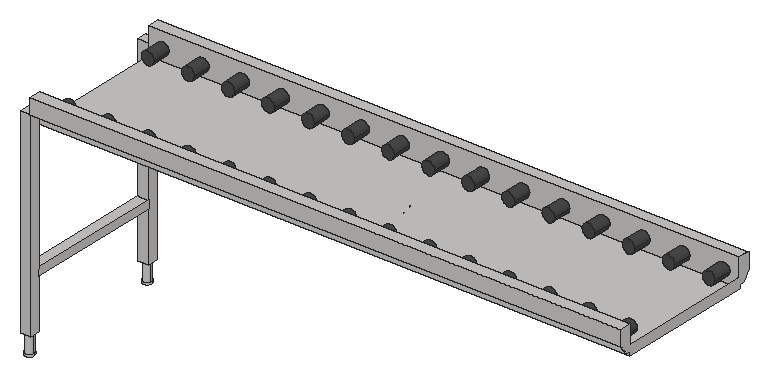
Revit family "QF_ELECTROLUXPROFESSIONAL_863009_HSSRC23", category Specialty Equipment, Revit 2018
Family settings
  Round Connector Dimension = Use Diameter
  Part Type = Normal
  Work Plane-Based = No
  Always vertical = Yes
  Cut with Voids When Loaded = No
  Shared = No
  Room Calculation Point = No
Parameters
  Weight = 0.00 kg
  Watts = 0 W
  Volts = 0 V
  URL Manufacturer = "http://professional.electrolux.com/"
  URL = "http://professional.electrolux.com/"
  Steam Supply Size = 0 mm
  Steam Supply Minimum Pressure = 0.0 Pa
  Steam Supply Maximum Pressure = 0.0 Pa
  Steam Pounds per Hour = 0
  Refrigeration Suction Line Size = 0 mm
  Refrigeration Liquid Line Size = 0 mm
  Refrigerant Compressor Remote = yes
  Manufacturer = "Electrolux"
  Phase = 0
  Model = "HSSRC23"
  Length Actual = 2300 mm  # constant formula
  Item Number = "863009"
  Hot Water Size = 0 mm
  Height Actual = 910 mm  # constant formula
  HP = "0 HP"
  Gas Size = 0 mm
  Gas KW = 0
  Gas Input Pressure = 0 W
  Description = "CONVEYOR, SHORT ROLLERS, L=2300 MM"
  Depth Actual = 620 mm  # constant formula
  Cycle = 0 Hz
  Condensate Return Size = 0 mm
  Compressed Air Volume = 0.0 L/s
  Compressed Air Size = 0 mm
  Compressed Air Pressure = 0.0 Pa
  Cold Water Size = 0 mm
  Accessory = yes
Reference planes
  plane 1 "Centro (Fronte/Retro)": y = 74.737
  plane 2: z = 0
  plane 3 "LEFT": x = -1038.761
  plane 4 "BACK": y = 384.737
  plane 5 "FRONT": y = -235.263
  plane 6: z = 910
  plane 7 "RIGHT": x = 1261.239
  plane 8: x = 141.239
Forms (mm)
  Extrusion 1, solid, material "QF_Finishes_Stainless Steel"
    sketch origin (0, 74.737, 0) x (1, 0, 0) y (0, 0, 1)
      loop
        line (-1079.929, 300) -> (-1079.929, 270) -> (-1039.929, 270) -> (-1039.929, 300) -> (-1079.929, 300)
    from -266.504 to 266.46
  Extrusion 2, solid, material "QF_Finishes_Stainless Steel"
    sketch origin (11.239, 0, 0) x (0, 1, 0) y (0, 0, 1)
      loop
        line (-235.263, 910) -> (-235.263, 850.033) -> (-190.242, 850.033) -> (-190.242, 910) -> (-235.263, 910)
      loop
        line (384.737, 910) -> (339.716, 910) -> (339.716, 850.033) -> (384.737, 850.033) -> (384.737, 910)
    from -1050 to 1248.8
  Extrusion 3, solid, material "QF_Finishes_Stainless Steel"
    sketch origin (11.239, 0, 0) x (0, 1, 0) y (0, 0, 1)
      loop
        line (-191.727, 850.033) -> (-191.727, 800.081) -> (341.245, 800.081) -> (341.245, 850.033) -> (339.716, 850.033) -> (339.716, 803.081) -> (-190.242, 803.081) -> (-190.242, 850.033) -> (-191.727, 850.033)
    from -1050 to 1248.8
  Extrusion 4, solid, material "QF_Finishes_Stainless Steel"
    sketch origin (2761.239, 723.253, 4000) x (0, 1, 0) y (0, 0, 1)
      loop
        line (-958.516, -3090) -> (-958.516, -3149.967) -> (-934.752, -3185.632) -> (-915.4, -3185.632) -> (-915.4, -3199.919) -> (-381.633, -3199.919) -> (-381.633, -3185.632) -> (-362.281, -3185.632) -> (-338.516, -3149.967) -> (-338.516, -3090) -> (-383.538, -3090) -> (-383.538, -3161.926) -> (-913.495, -3161.926) -> (-913.495, -3090) -> (-958.516, -3090)
    from -1500 to -1501.2
  Revolve 5, solid, material "QF_Finishes_Stainless Steel"
    sketch origin (111.043, 0, 0) x (0, 1, 0) y (0, 0, 1)
      loop
        line (74.737, 800.081) -> (12.53, 800.081) -> (12.319, 797.4) -> (12.319, 785.476) -> (17.293, 785.476) -> (17.293, 781.772)
        arc (17.293, 781.772) -> (20.266, 773.808) -> (27.77, 769.813) r 11.998
        line (27.77, 769.813) -> (74.737, 764.085) -> (74.737, 800.081)
      axis (74.737, 764.085) -> (74.737, 800.081)
    angle from 0 to 360
  Revolve 6, solid, material "QF_Finishes_Stainless Steel"
    sketch origin (141.043, -1524, 744.096) x (0, 0, 1) y (0, -1, 0)
      loop
        line (13.017, -1619.713) -> (30, -1619.713) -> (30, -1598.737) -> (0, -1598.737) -> (0, -1619.713) -> (2.434, -1622.253) -> (10.477, -1622.253) -> (13.017, -1619.713)
      axis (0, -1598.737) -> (30, -1598.737)
    angle from 0 to 360
  Extrusion 7, solid, material "QF_Finishes_Black"
    sketch origin (0, 74.737, 0) x (1, 0, 0) y (0, 0, 1)
      loop
        circle (-980.637, 850.115) r 25
      loop
        circle (-824.646, 850.115) r 25
      loop
        circle (-668.655, 850.115) r 25
      loop
        circle (-512.664, 850.115) r 25
      loop
        circle (-356.673, 850.115) r 25
      loop
        circle (267.292, 850.115) r 25
      loop
        circle (423.283, 850.115) r 25
      loop
        circle (735.266, 850.115) r 25
      loop
        circle (579.274, 850.115) r 25
      loop
        circle (1203.239, 850.115) r 25
      loop
        circle (891.257, 850.115) r 25
      loop
        circle (1047.248, 850.115) r 25
      loop
        circle (-200.681, 850.115) r 25
      loop
        circle (111.301, 850.115) r 25
      loop
        circle (-44.69, 850.115) r 25
    from 190.58 to 260.534
  Extrusion 8, solid, material "QF_Finishes_Black"
    sketch origin (0, 74.737, 0) x (1, 0, 0) y (0, 0, -1)
      loop
        circle (-980.637, -850.115) r 25
      loop
        circle (-824.646, -850.115) r 25
      loop
        circle (-668.655, -850.115) r 25
      loop
        circle (-512.664, -850.115) r 25
      loop
        circle (-356.673, -850.115) r 25
      loop
        circle (267.292, -850.115) r 25
      loop
        circle (423.283, -850.115) r 25
      loop
        circle (735.266, -850.115) r 25
      loop
        circle (579.274, -850.115) r 25
      loop
        circle (1203.239, -850.115) r 25
      loop
        circle (891.257, -850.115) r 25
      loop
        circle (1047.248, -850.115) r 25
      loop
        circle (-200.681, -850.115) r 25
      loop
        circle (111.301, -850.115) r 25
      loop
        circle (-44.69, -850.115) r 25
    from 190.58 to 260.534
Cuts and joins
  joined: Extrusion 2, Extrusion 3
Lines and regions (mm)
  Split face 1
    outline origin (2158.239, 339.716, 803.081) x (-1, 0, 0) y (0, -1, 0)
      loop
        circle (2047, 264.904) r 3.016
  Split face 2
    outline origin (2158.239, 339.716, 803.081) x (-1, 0, 0) y (0, -1, 0)
      loop
        circle (2047, 264.904) r 52.991
  Split face 3
    outline origin (2158.239, 339.716, 803.081) x (-1, 0, 0) y (0, -1, 0)
      loop
        circle (2047, 264.904) r 36.015
  Split face 4
    outline origin (2158.239, 339.716, 803.081) x (-1, 0, 0) y (0, -1, 0)
      loop
        circle (2047, 264.904) r 26.027
  Split face 5
    outline origin (2158.239, 339.716, 803.081) x (-1, 0, 0) y (0, -1, 0)
      loop
        circle (2047, 264.904) r 9.056
  Masking region 1
    outline origin (0, 0, 0) x (1, 0, 0) y (0, 1, 0)
      loop
        line (-1038.761, 384.737) -> (-1038.761, -235.263) -> (1261.239, -235.263) -> (1261.239, 384.737) -> (-1038.761, 384.737)
  symbolic lines
    curve 1: line (1261.239, 384.737, 0) -> (-1038.761, 384.737, 0)
    curve 2: line (-1038.761, 384.737, 0) -> (-1038.761, -235.263, 0)
    curve 3: line (-1038.761, 339.716, 0) -> (1261.239, 339.716, 0)
    curve 4: line (-1038.761, -235.263, 0) -> (1261.239, -235.263, 0)
    curve 5: line (1261.239, -235.263, 0) -> (1261.239, 384.737, 0)
    curve 6: line (1261.239, -190.242, 0) -> (-1038.761, -190.242, 0)
    curve 7: line (1261.239, 74.737, 0) -> (1231.239, 74.737, 0)
    curve 8: line (-1038.761, 74.737, 0) -> (-1008.761, 74.737, 0)
    curve 9: arc (111.315, 12.319, 0) -> (48.896, 74.737, 0) -> (111.315, 137.156, 0) r 62.418
    curve 10: arc (111.315, 137.156, 0) -> (173.733, 74.737, 0) -> (111.315, 12.319, 0) r 62.418
    curve 11: arc (141.315, 95.713, 0) -> (120.338, 74.737, 0) -> (141.315, 53.761, 0) r 20.976
    curve 12: arc (141.315, 53.761, 0) -> (162.291, 74.737, 0) -> (141.315, 95.713, 0) r 20.976
    curve 13: line (-955.637, -115.842, 0) -> (-1005.637, -115.842, 0)
    curve 14: line (-1005.637, -115.842, 0) -> (-1005.637, -185.797, 0)
    curve 15: line (-1005.637, -185.797, 0) -> (-955.637, -185.797, 0)
    curve 16: line (-955.637, -185.797, 0) -> (-955.637, -115.842, 0)
    curve 17: line (448.283, -115.842, 0) -> (398.283, -115.842, 0)
    curve 18: line (398.283, -115.842, 0) -> (398.283, -185.797, 0)
    curve 19: line (398.283, -185.797, 0) -> (448.283, -185.797, 0)
    curve 20: line (448.283, -185.797, 0) -> (448.283, -115.842, 0)
    curve 21: line (-849.646, -115.842, 0) -> (-799.646, -115.842, 0)
    curve 22: line (-799.646, -115.842, 0) -> (-799.646, -185.797, 0)
    curve 23: line (-799.646, -185.797, 0) -> (-849.646, -185.797, 0)
    curve 24: line (-849.646, -185.797, 0) -> (-849.646, -115.842, 0)
    curve 25: line (-643.655, -115.842, 0) -> (-693.655, -115.842, 0)
    curve 26: line (-693.655, -115.842, 0) -> (-693.655, -185.797, 0)
    curve 27: line (-693.655, -185.797, 0) -> (-643.655, -185.797, 0)
    curve 28: line (-643.655, -185.797, 0) -> (-643.655, -115.842, 0)
    curve 29: line (-487.664, -115.842, 0) -> (-537.664, -115.842, 0)
    curve 30: line (-537.664, -115.842, 0) -> (-537.664, -185.797, 0)
    curve 31: line (-537.664, -185.797, 0) -> (-487.664, -185.797, 0)
    curve 32: line (-487.664, -185.797, 0) -> (-487.664, -115.842, 0)
    curve 33: line (-331.673, -115.842, 0) -> (-381.673, -115.842, 0)
    curve 34: line (-381.673, -115.842, 0) -> (-381.673, -185.797, 0)
    curve 35: line (-381.673, -185.797, 0) -> (-331.673, -185.797, 0)
    curve 36: line (-331.673, -185.797, 0) -> (-331.673, -115.842, 0)
    curve 37: line (-175.681, -115.842, 0) -> (-225.681, -115.842, 0)
    curve 38: line (-225.681, -115.842, 0) -> (-225.681, -185.797, 0)
    curve 39: line (-225.681, -185.797, 0) -> (-175.681, -185.797, 0)
    curve 40: line (-175.681, -185.797, 0) -> (-175.681, -115.842, 0)
    curve 41: line (-19.69, -115.842, 0) -> (-69.69, -115.842, 0)
    curve 42: line (-69.69, -115.842, 0) -> (-69.69, -185.797, 0)
    curve 43: line (-69.69, -185.797, 0) -> (-19.69, -185.797, 0)
    curve 44: line (-19.69, -185.797, 0) -> (-19.69, -115.842, 0)
    curve 45: line (136.301, -115.842, 0) -> (86.301, -115.842, 0)
    curve 46: line (86.301, -115.842, 0) -> (86.301, -185.797, 0)
    curve 47: line (86.301, -185.797, 0) -> (136.301, -185.797, 0)
    curve 48: line (136.301, -185.797, 0) -> (136.301, -115.842, 0)
    curve 49: line (292.292, -115.842, 0) -> (242.292, -115.842, 0)
    curve 50: line (242.292, -115.842, 0) -> (242.292, -185.797, 0)
    curve 51: line (242.292, -185.797, 0) -> (292.292, -185.797, 0)
    curve 52: line (292.292, -185.797, 0) -> (292.292, -115.842, 0)
    curve 53: line (1228.239, -115.842, 0) -> (1178.239, -115.842, 0)
    curve 54: line (1178.239, -115.842, 0) -> (1178.239, -185.797, 0)
    curve 55: line (1178.239, -185.797, 0) -> (1228.239, -185.797, 0)
    curve 56: line (1228.239, -185.797, 0) -> (1228.239, -115.842, 0)
    curve 57: line (604.274, -115.842, 0) -> (554.274, -115.842, 0)
    curve 58: line (554.274, -115.842, 0) -> (554.274, -185.797, 0)
    curve 59: line (554.274, -185.797, 0) -> (604.274, -185.797, 0)
    curve 60: line (604.274, -185.797, 0) -> (604.274, -115.842, 0)
    curve 61: line (760.266, -115.842, 0) -> (710.266, -115.842, 0)
    curve 62: line (710.266, -115.842, 0) -> (710.266, -185.797, 0)
    curve 63: line (710.266, -185.797, 0) -> (760.266, -185.797, 0)
    curve 64: line (760.266, -185.797, 0) -> (760.266, -115.842, 0)
    curve 65: line (916.257, -115.842, 0) -> (866.257, -115.842, 0)
    curve 66: line (866.257, -115.842, 0) -> (866.257, -185.797, 0)
    curve 67: line (866.257, -185.797, 0) -> (916.257, -185.797, 0)
    curve 68: line (916.257, -185.797, 0) -> (916.257, -115.842, 0)
    curve 69: line (1072.248, -115.842, 0) -> (1022.248, -115.842, 0)
    curve 70: line (1022.248, -115.842, 0) -> (1022.248, -185.797, 0)
    curve 71: line (1022.248, -185.797, 0) -> (1072.248, -185.797, 0)
    curve 72: line (1072.248, -185.797, 0) -> (1072.248, -115.842, 0)
    curve 73: line (-955.637, 265.317, 0) -> (-1005.637, 265.317, 0)
    curve 74: line (-1005.637, 265.317, 0) -> (-1005.637, 335.271, 0)
    curve 75: line (-1005.637, 335.271, 0) -> (-955.637, 335.271, 0)
    curve 76: line (-955.637, 335.271, 0) -> (-955.637, 265.317, 0)
    curve 77: line (448.283, 265.317, 0) -> (398.283, 265.317, 0)
    curve 78: line (398.283, 265.317, 0) -> (398.283, 335.271, 0)
    curve 79: line (398.283, 335.271, 0) -> (448.283, 335.271, 0)
    curve 80: line (448.283, 335.271, 0) -> (448.283, 265.317, 0)
    curve 81: line (-849.646, 265.317, 0) -> (-799.646, 265.317, 0)
    curve 82: line (-799.646, 265.317, 0) -> (-799.646, 335.271, 0)
    curve 83: line (-799.646, 335.271, 0) -> (-849.646, 335.271, 0)
    curve 84: line (-849.646, 335.271, 0) -> (-849.646, 265.317, 0)
    curve 85: line (-643.655, 265.317, 0) -> (-693.655, 265.317, 0)
    curve 86: line (-693.655, 265.317, 0) -> (-693.655, 335.271, 0)
    curve 87: line (-693.655, 335.271, 0) -> (-643.655, 335.271, 0)
    curve 88: line (-643.655, 335.271, 0) -> (-643.655, 265.317, 0)
    curve 89: line (-487.664, 265.317, 0) -> (-537.664, 265.317, 0)
    curve 90: line (-537.664, 265.317, 0) -> (-537.664, 335.271, 0)
    curve 91: line (-537.664, 335.271, 0) -> (-487.664, 335.271, 0)
    curve 92: line (-487.664, 335.271, 0) -> (-487.664, 265.317, 0)
    curve 93: line (-331.673, 265.317, 0) -> (-381.673, 265.317, 0)
    curve 94: line (-381.673, 265.317, 0) -> (-381.673, 335.271, 0)
    curve 95: line (-381.673, 335.271, 0) -> (-331.673, 335.271, 0)
    curve 96: line (-331.673, 335.271, 0) -> (-331.673, 265.317, 0)
    curve 97: line (-175.681, 265.317, 0) -> (-225.681, 265.317, 0)
    curve 98: line (-225.681, 265.317, 0) -> (-225.681, 335.271, 0)
    curve 99: line (-225.681, 335.271, 0) -> (-175.681, 335.271, 0)
    curve 100: line (-175.681, 335.271, 0) -> (-175.681, 265.317, 0)
    curve 101: line (-19.69, 265.317, 0) -> (-69.69, 265.317, 0)
    curve 102: line (-69.69, 265.317, 0) -> (-69.69, 335.271, 0)
    curve 103: line (-69.69, 335.271, 0) -> (-19.69, 335.271, 0)
    curve 104: line (-19.69, 335.271, 0) -> (-19.69, 265.317, 0)
    curve 105: line (136.301, 265.317, 0) -> (86.301, 265.317, 0)
    curve 106: line (86.301, 265.317, 0) -> (86.301, 335.271, 0)
    curve 107: line (86.301, 335.271, 0) -> (136.301, 335.271, 0)
    curve 108: line (136.301, 335.271, 0) -> (136.301, 265.317, 0)
    curve 109: line (292.292, 265.317, 0) -> (242.292, 265.317, 0)
    curve 110: line (242.292, 265.317, 0) -> (242.292, 335.271, 0)
    curve 111: line (242.292, 335.271, 0) -> (292.292, 335.271, 0)
    curve 112: line (292.292, 335.271, 0) -> (292.292, 265.317, 0)
    curve 113: line (1228.239, 265.317, 0) -> (1178.239, 265.317, 0)
    curve 114: line (1178.239, 265.317, 0) -> (1178.239, 335.271, 0)
    curve 115: line (1178.239, 335.271, 0) -> (1228.239, 335.271, 0)
    curve 116: line (1228.239, 335.271, 0) -> (1228.239, 265.317, 0)
    curve 117: line (604.274, 265.317, 0) -> (554.274, 265.317, 0)
    curve 118: line (554.274, 265.317, 0) -> (554.274, 335.271, 0)
    curve 119: line (554.274, 335.271, 0) -> (604.274, 335.271, 0)
    curve 120: line (604.274, 335.271, 0) -> (604.274, 265.317, 0)
    curve 121: line (760.266, 265.317, 0) -> (710.266, 265.317, 0)
    curve 122: line (710.266, 265.317, 0) -> (710.266, 335.271, 0)
    curve 123: line (710.266, 335.271, 0) -> (760.266, 335.271, 0)
    curve 124: line (760.266, 335.271, 0) -> (760.266, 265.317, 0)
    curve 125: line (916.257, 265.317, 0) -> (866.257, 265.317, 0)
    curve 126: line (866.257, 265.317, 0) -> (866.257, 335.271, 0)
    curve 127: line (866.257, 335.271, 0) -> (916.257, 335.271, 0)
    curve 128: line (916.257, 335.271, 0) -> (916.257, 265.317, 0)
    curve 129: line (1072.248, 265.317, 0) -> (1022.248, 265.317, 0)
    curve 130: line (1022.248, 265.317, 0) -> (1022.248, 335.271, 0)
    curve 131: line (1022.248, 335.271, 0) -> (1072.248, 335.271, 0)
    curve 132: line (1072.248, 335.271, 0) -> (1072.248, 265.317, 0)
Dimensions and locks
  plane 3 "LEFT" to plane 7 "RIGHT" = 2300 mm
  equal spacing: plane 4 "BACK", plane 1 "Centro (Fronte/Retro)", plane 5 "FRONT"
  plane 4 "BACK" to plane 5 "FRONT" = 620 mm
  locked: Extrusion 7 sketch curve to plane 3 "LEFT" at 58.124
  locked: plane 7 "RIGHT" to Extrusion 7 sketch curve at 58
  aligned and locked: level to plane 2
  aligned and locked: Extrusion 2 to Extrusion 3
Automatic sketch dimensions
  curve 9 to curve 10 = 0 mm  (x2)
  curve 11 to curve 12 = 0 mm  (x2)
  curve 1 to plane 3 "LEFT" = 0 mm
  plane 1 "Centro (Fronte/Retro)" to curve 8 = 0 mm
  plane 1 "Centro (Fronte/Retro)" to curve 10 = 0 mm
  plane 1 "Centro (Fronte/Retro)" to curve 11 = 0 mm
  plane 1 "Centro (Fronte/Retro)" to curve 7 = 0 mm
  curve 6 to plane 7 "RIGHT" = 0 mm
  plane 5 "FRONT" to curve 4 = 0 mm
  curve 2 to plane 4 "BACK" = 0 mm
  plane 3 "LEFT" to curve 15 = 33.124 mm
  plane 3 "LEFT" to curve 75 = 33.124 mm
  curve 13 to curve 16 = 50 mm
  curve 73 to curve 73 = 50 mm
  curve 13 to curve 21 = 105.991 mm
  curve 83 to plane 4 "BACK" = 49.466 mm
  curve 75 to curve 83 = 105.991 mm
  curve 23 to curve 23 = 50 mm
  curve 81 to curve 81 = 50 mm
  curve 87 to plane 4 "BACK" = 49.466 mm
  curve 82 to curve 87 = 105.991 mm
  plane 5 "FRONT" to curve 27 = 49.466 mm
  curve 22 to curve 27 = 105.991 mm
  curve 86 to curve 87 = 50 mm
  curve 25 to curve 25 = 50 mm
  curve 90 to plane 4 "BACK" = 49.466 mm
  curve 87 to curve 90 = 105.991 mm
  plane 5 "FRONT" to curve 31 = 49.466 mm
  curve 27 to curve 31 = 105.991 mm
  curve 29 to curve 29 = 50 mm
  curve 90 to curve 92 = 50 mm
  curve 95 to plane 4 "BACK" = 49.466 mm
  curve 91 to curve 95 = 105.991 mm
  curve 29 to curve 33 = 105.991 mm
  curve 33 to curve 36 = 50 mm
  curve 94 to curve 95 = 50 mm
  plane 5 "FRONT" to curve 39 = 49.466 mm
  curve 35 to curve 39 = 105.991 mm
  curve 93 to curve 98 = 105.991 mm
  curve 97 to curve 100 = 50 mm
  curve 37 to curve 37 = 50 mm
  curve 37 to curve 41 = 105.991 mm
  curve 103 to plane 4 "BACK" = 49.466 mm
  curve 99 to curve 103 = 105.991 mm
  curve 101 to curve 104 = 50 mm
  curve 41 to curve 44 = 50 mm
  curve 47 to plane 8 = 54.938 mm
  curve 105 to plane 8 = 54.938 mm
  curve 10 to plane 8 = 29.924 mm
  curve 107 to plane 8 = 4.938 mm
  curve 45 to plane 8 = 4.938 mm
  plane 8 to curve 11 = 0.076 mm
  plane 5 "FRONT" to curve 51 = 49.466 mm
  plane 8 to curve 51 = 101.053 mm
  plane 8 to curve 109 = 101.053 mm
  curve 49 to curve 49 = 50 mm
  curve 109 to curve 109 = 50 mm
  plane 5 "FRONT" to curve 18 = 49.466 mm
  curve 51 to curve 18 = 105.991 mm
  curve 79 to plane 4 "BACK" = 49.466 mm
  curve 111 to curve 79 = 105.991 mm
  curve 78 to curve 79 = 50 mm
  curve 17 to curve 20 = 50 mm
  curve 119 to plane 4 "BACK" = 49.466 mm
  curve 79 to curve 119 = 105.991 mm
  curve 17 to curve 57 = 105.991 mm
  curve 117 to curve 120 = 50 mm
  curve 57 to curve 60 = 50 mm
  curve 57 to curve 61 = 105.991 mm
  curve 117 to curve 121 = 105.991 mm
  curve 61 to curve 61 = 50 mm
  curve 122 to curve 123 = 50 mm
  plane 5 "FRONT" to curve 66 = 49.466 mm
  curve 63 to curve 66 = 105.991 mm
  curve 121 to curve 125 = 105.991 mm
  curve 66 to curve 67 = 50 mm
  curve 125 to curve 125 = 50 mm
  curve 131 to plane 4 "BACK" = 49.466 mm
  curve 127 to curve 131 = 105.991 mm
  curve 65 to curve 69 = 105.991 mm
  curve 70 to curve 72 = 50 mm
  curve 129 to curve 129 = 50 mm
  curve 54 to plane 7 "RIGHT" = 83 mm
  curve 115 to plane 7 "RIGHT" = 83 mm
  curve 56 to plane 7 "RIGHT" = 33 mm
  curve 115 to plane 7 "RIGHT" = 33 mm
  plane 5 "FRONT" to curve 71 = 49.466 mm
  plane 5 "FRONT" to curve 59 = 49.466 mm
  plane 5 "FRONT" to curve 36 = 49.466 mm
  plane 5 "FRONT" to curve 56 = 49.466 mm
  plane 5 "FRONT" to curve 64 = 49.466 mm
  plane 5 "FRONT" to curve 48 = 49.466 mm
  plane 5 "FRONT" to curve 14 = 49.466 mm
  plane 5 "FRONT" to curve 44 = 49.466 mm
  plane 5 "FRONT" to curve 22 = 49.466 mm
  curve 30 to curve 30 = 69.954 mm
  curve 35 to curve 33 = 69.954 mm
  curve 27 to curve 28 = 69.954 mm
  curve 66 to curve 66 = 69.954 mm
  curve 39 to curve 37 = 69.954 mm
  curve 23 to curve 24 = 69.954 mm
  curve 43 to curve 41 = 69.954 mm
  curve 19 to curve 20 = 69.954 mm
  curve 47 to curve 45 = 69.954 mm
  curve 15 to curve 16 = 69.954 mm
  curve 51 to curve 49 = 69.954 mm
  curve 62 to curve 61 = 69.954 mm
  curve 55 to curve 53 = 69.954 mm
  curve 59 to curve 57 = 69.954 mm
  curve 71 to curve 69 = 69.954 mm
  curve 132 to curve 131 = 69.954 mm
  curve 128 to curve 129 = 0 mm
  curve 73 to plane 4 "BACK" = 119.42 mm
  curve 124 to curve 125 = 0 mm
  curve 77 to curve 79 = 69.954 mm
  curve 120 to curve 119 = 69.954 mm
  curve 81 to curve 83 = 69.954 mm
  curve 116 to plane 4 "BACK" = 119.42 mm
  curve 85 to curve 87 = 69.954 mm
  curve 112 to curve 77 = 0 mm
  curve 89 to curve 91 = 69.954 mm
  curve 108 to curve 109 = 0 mm
  curve 93 to curve 95 = 69.954 mm
  curve 104 to curve 103 = 69.954 mm
  curve 97 to curve 101 = 0 mm
  curve 100 to plane 4 "BACK" = 49.466 mm
  curve 106 to plane 4 "BACK" = 49.466 mm
  curve 110 to plane 4 "BACK" = 49.466 mm
  curve 114 to plane 4 "BACK" = 49.466 mm
  curve 76 to plane 4 "BACK" = 49.466 mm
  curve 122 to plane 4 "BACK" = 49.466 mm
  curve 126 to plane 4 "BACK" = 49.466 mm
  curve 8 to curve 8 = 30 mm
  curve 7 to plane 7 "RIGHT" = 30 mm
  curve 6 to curve 55 = 4.445 mm
  curve 9 to curve 9 = 62.418 mm
  curve 11 to curve 11 = 20.976 mm
  curve 74 to curve 3 = 4.445 mm
  Extrusion 1 sketch curve to plane 3 "LEFT" = 41.168 mm
  Extrusion 1 sketch curve to plane 3 "LEFT" = 1.168 mm
  level to Extrusion 1 sketch curve = 270 mm
  Extrusion 1 sketch curve to Extrusion 1 sketch curve = 30 mm
  Extrusion 2 sketch curve to plane 5 "FRONT" = 0 mm
  Extrusion 2 sketch curve to plane 6 = 0 mm  (x2)
  Extrusion 2 sketch curve to plane 4 "BACK" = 0 mm
  plane 5 "FRONT" to Extrusion 2 sketch curve = 45.021 mm
  Extrusion 2 sketch curve to plane 4 "BACK" = 45.021 mm
  Extrusion 2 sketch curve to Extrusion 2 sketch curve = 59.967 mm  (x2)
  plane 5 "FRONT" to Extrusion 3 sketch curve = 43.536 mm
  Extrusion 3 sketch curve to Extrusion 3 sketch curve = 1.486 mm
  Extrusion 3 sketch curve to plane 4 "BACK" = 45.021 mm
  Extrusion 3 sketch curve to Extrusion 3 sketch curve = 1.529 mm
  Extrusion 3 sketch curve to plane 6 = 109.919 mm
  Extrusion 3 sketch curve to Extrusion 3 sketch curve = 3 mm
  Extrusion 3 sketch curve to Extrusion 3 sketch curve = 46.952 mm  (x2)
  cut or joined group of Extrusion 2, Extrusion 3 to Split face 1 sketch curve = 264.904 mm
  Split face 1 sketch curve to cut or joined group of Extrusion 2, Extrusion 3 = 1148.8 mm
  cut or joined group of Extrusion 2, Extrusion 3 to Split face 2 sketch curve = 264.904 mm
  Split face 2 sketch curve to cut or joined group of Extrusion 2, Extrusion 3 = 1148.8 mm
  cut or joined group of Extrusion 2, Extrusion 3 to Split face 3 sketch curve = 264.904 mm
  Split face 3 sketch curve to cut or joined group of Extrusion 2, Extrusion 3 = 1148.8 mm
  cut or joined group of Extrusion 2, Extrusion 3 to Split face 4 sketch curve = 264.904 mm
  Split face 4 sketch curve to cut or joined group of Extrusion 2, Extrusion 3 = 1148.8 mm
  cut or joined group of Extrusion 2, Extrusion 3 to Split face 5 sketch curve = 264.904 mm
  Split face 5 sketch curve to cut or joined group of Extrusion 2, Extrusion 3 = 1148.8 mm
  Masking region 1 sketch curve to plane 3 "LEFT" = 0 mm
  plane 5 "FRONT" to Masking region 1 sketch curve = 0 mm
  Masking region 1 sketch curve to plane 7 "RIGHT" = 0 mm
  Masking region 1 sketch curve to plane 4 "BACK" = 0 mm
  Extrusion 4 sketch curve to plane 5 "FRONT" = 0 mm
  Extrusion 4 sketch curve to plane 6 = 0 mm  (x2)
  Extrusion 4 sketch curve to plane 4 "BACK" = 0 mm
  plane 5 "FRONT" to Extrusion 4 sketch curve = 23.764 mm
  Extrusion 4 sketch curve to Extrusion 4 sketch curve = 19.352 mm  (x2)
  plane 5 "FRONT" to Extrusion 4 sketch curve = 45.021 mm
  Extrusion 4 sketch curve to plane 4 "BACK" = 45.021 mm
  Extrusion 4 sketch curve to Extrusion 4 sketch curve = 1.905 mm
  Extrusion 4 sketch curve to Extrusion 4 sketch curve = 59.967 mm  (x2)
  Extrusion 4 sketch curve to Extrusion 4 sketch curve = 11.959 mm
  Extrusion 4 sketch curve to Extrusion 4 sketch curve = 23.706 mm  (x2)
  Extrusion 4 sketch curve to Extrusion 4 sketch curve = 14.287 mm
  Revolve 5 sketch curve to plane 1 "Centro (Fronte/Retro)" = 0 mm  (x2)
  plane 1 "Centro (Fronte/Retro)" to Revolve 5 sketch curve = 45.447 mm
  Revolve 5 sketch curve to Revolve 5 sketch curve = 1.52 mm
  Revolve 5 sketch curve to Revolve 5 sketch curve = 11.998 mm
  Revolve 5 sketch curve to Revolve 5 sketch curve = 4.762 mm
  Revolve 5 sketch curve to Revolve 5 sketch curve = 4.974 mm
  Revolve 5 sketch curve to plane 6 = 145.915 mm
  Revolve 5 sketch curve to Revolve 5 sketch curve = 5.727 mm
  Revolve 5 sketch curve to Revolve 5 sketch curve = 11.901 mm
  Revolve 5 sketch curve to Revolve 5 sketch curve = 3.704 mm
  Revolve 5 sketch curve to Revolve 5 sketch curve = 11.924 mm
  Revolve 5 sketch curve to Revolve 5 sketch curve = 2.681 mm
  Revolve 5 sketch curve to Revolve 5 sketch curve = 3 mm
  Revolve 5 sketch curve to Revolve 5 sketch curve = 14.991 mm
  Revolve 6 sketch curve to plane 1 "Centro (Fronte/Retro)" = 0 mm  (x2)
  Revolve 6 sketch curve to plane 1 "Centro (Fronte/Retro)" = 20.976 mm
  Revolve 6 sketch curve to plane 6 = 165.904 mm
  Revolve 6 sketch curve to plane 1 "Centro (Fronte/Retro)" = 23.516 mm
  Revolve 6 sketch curve to Revolve 6 sketch curve = 2.434 mm
  Revolve 6 sketch curve to Revolve 6 sketch curve = 8.043 mm
  Revolve 6 sketch curve to Revolve 6 sketch curve = 2.54 mm  (x2)
  Revolve 6 sketch curve to Revolve 6 sketch curve = 16.983 mm
  Revolve 6 sketch curve to Revolve 6 sketch curve = 3.127 mm
  Revolve 6 sketch curve to Revolve 6 sketch curve = 7.343 mm
  Extrusion 7 sketch curve to plane 6 = 59.885 mm  (x15)
  Extrusion 7 sketch curve to Extrusion 7 sketch curve = 155.991 mm  (x11)
  Extrusion 7 sketch curve to plane 8 = 29.938 mm
  plane 8 to Extrusion 7 sketch curve = 126.053 mm
  plane 3 "LEFT" to Extrusion 8 sketch curve = 58.124 mm
  Extrusion 8 sketch curve to plane 6 = 59.885 mm  (x15)
  Extrusion 8 sketch curve to Extrusion 8 sketch curve = 155.991 mm  (x11)
  Extrusion 8 sketch curve to plane 8 = 29.938 mm
  plane 8 to Extrusion 8 sketch curve = 126.053 mm
  Extrusion 8 sketch curve to plane 7 "RIGHT" = 58 mm
  radius of Split face 1 sketch curve = 3.016 mm
  radius of Split face 2 sketch curve = 52.991 mm
  radius of Split face 3 sketch curve = 36.015 mm
  radius of Split face 4 sketch curve = 26.027 mm
  radius of Split face 5 sketch curve = 9.056 mm
  radius of Extrusion 7 sketch curve = 25 mm  (x15)
  radius of Extrusion 8 sketch curve = 25 mm  (x15)
Nested families
  nested 1: "Foot_40x40" at (-1059.929, -211.771, 0), type "Foot_40x40"
    with A 850.033 mm
  nested 2: "Foot_40x40" at (-1059.929, 361.245, 0), type "Foot_40x40"
    with A 850.033 mm
Connectors
  piping at (141.043, 74.737, 744.096), diameter 30
    settings: on Revolve 6, index 5, connector inside diameter 609.6 mm, connector length 0 mm, flow factor 0, pipe flow 0.0 L/s, pressure drop 0.0 Pa, fitting loss kfactor 0, connector angle 0.00°, fixture units 0, engagement length 0 mm, angle of deflection 0.00°, flow configuration 1, flow direction 2, fitting loss method 0, system type 16, joint type 0, gender type 0, connector reference index -1, connector utility 0, adjustable connector no, is connector primary yes, connector description ""
Definition of nested family "Foot_40x40"
  Parameters
    A [instance] = 850 mm
  Reference planes
    plane 1 "Centro (Fronte/Retro)": y = 0
    plane 2: z = 0
    plane 3 "Centro (Sinistra/Destra)": x = 0
    plane 4: z = 850
  Forms (mm)
    Extrusion 1, solid
      sketch origin (0, 0, 0) x (1, 0, 0) y (0, 1, 0)
        loop
          circle (0, 0) r 18
      from 0 to 5
    Extrusion 2, solid
      sketch origin (0, 0, 5) x (1, 0, 0) y (0, 1, 0)
        loop
          circle (0, 0) r 15
      from 0 to 70
    Extrusion 3, solid
      sketch origin (0, 0, 75) x (1, 0, 0) y (0, 1, 0)
        loop
          line (-20, 20) -> (-20, -20) -> (20, -20) -> (20, 20) -> (-20, 20)
      from 0 to 775
  Dimensions and locks
    "A": plane 4 to plane 2
    aligned and locked: level to plane 2
    aligned and locked: plane 4 to Extrusion 3
    aligned and locked: Extrusion 1 to level
  Automatic sketch dimensions
    plane 1 "Centro (Fronte/Retro)" to Extrusion 1 sketch curve = 0 mm
    Extrusion 1 sketch curve to plane 3 "Centro (Sinistra/Destra)" = 0 mm
    Extrusion 3 sketch curve to Extrusion 3 sketch curve = 40 mm  (x2)
    radius of Extrusion 1 sketch curve = 18 mm
    radius of Extrusion 2 sketch curve to Extrusion 1 = 3 mm
